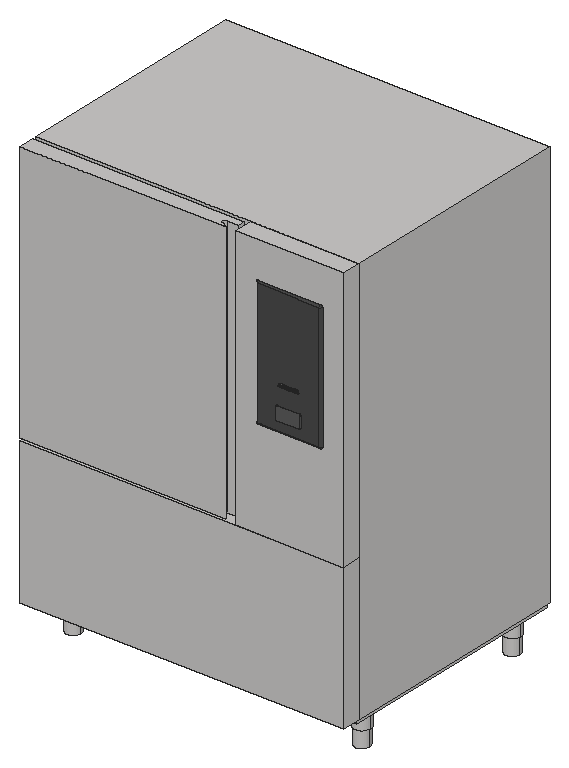
Revit family "QF_ALPENINOX_729255_ABFA12RE", category Specialty Equipment, Revit 2018 (continued)
Lines and regions (mm)
  Split face 230
    outline origin (170.176, -292.149, -137.118) x (-1, 0, 0) y (0, 0, -1)
      loop
        line (846.638, -548.639) -> (956.654, -548.639) -> (956.654, -543.665) -> (846.638, -543.665) -> (846.638, -548.639)
  Split face 231
    outline origin (170.176, -292.149, -127.618) x (-1, 0, 0) y (0, 0, -1)
      loop
        line (846.638, -548.639) -> (956.654, -548.639) -> (956.654, -543.665) -> (846.638, -543.665) -> (846.638, -548.639)
  Split face 232
    outline origin (170.176, -292.149, -118.118) x (-1, 0, 0) y (0, 0, -1)
      loop
        line (846.638, -548.639) -> (956.654, -548.639) -> (956.654, -543.665) -> (846.638, -543.665) -> (846.638, -548.639)
  Split face 233
    outline origin (170.176, -292.149, -108.618) x (-1, 0, 0) y (0, 0, -1)
      loop
        line (846.638, -548.639) -> (956.654, -548.639) -> (956.654, -543.665) -> (846.638, -543.665) -> (846.638, -548.639)
  Split face 234
    outline origin (170.176, -292.149, -99.118) x (-1, 0, 0) y (0, 0, -1)
      loop
        line (846.638, -548.639) -> (956.654, -548.639) -> (956.654, -543.665) -> (846.638, -543.665) -> (846.638, -548.639)
  Split face 235
    outline origin (170.176, -292.149, -89.618) x (-1, 0, 0) y (0, 0, -1)
      loop
        line (846.638, -548.639) -> (956.654, -548.639) -> (956.654, -543.665) -> (846.638, -543.665) -> (846.638, -548.639)
  Split face 236
    outline origin (170.176, -292.149, -80.117) x (-1, 0, 0) y (0, 0, -1)
      loop
        line (846.638, -548.639) -> (956.654, -548.639) -> (956.654, -543.665) -> (846.638, -543.665) -> (846.638, -548.639)
  Split face 237
    outline origin (170.176, -292.149, -70.617) x (-1, 0, 0) y (0, 0, -1)
      loop
        line (846.638, -548.639) -> (956.654, -548.639) -> (956.654, -543.665) -> (846.638, -543.665) -> (846.638, -548.639)
  Split face 238
    outline origin (170.176, -292.149, -61.117) x (-1, 0, 0) y (0, 0, -1)
      loop
        line (846.638, -548.639) -> (956.654, -548.639) -> (956.654, -543.665) -> (846.638, -543.665) -> (846.638, -548.639)
  Split face 239
    outline origin (170.176, -292.149, -51.617) x (-1, 0, 0) y (0, 0, -1)
      loop
        line (846.638, -548.639) -> (956.654, -548.639) -> (956.654, -543.665) -> (846.638, -543.665) -> (846.638, -548.639)
  Split face 240
    outline origin (170.176, -292.149, -42.117) x (-1, 0, 0) y (0, 0, -1)
      loop
        line (846.638, -548.639) -> (956.654, -548.639) -> (956.654, -543.665) -> (846.638, -543.665) -> (846.638, -548.639)
  Split face 241
    outline origin (170.176, -292.149, -32.617) x (-1, 0, 0) y (0, 0, -1)
      loop
        line (846.638, -548.639) -> (956.654, -548.639) -> (956.654, -543.665) -> (846.638, -543.665) -> (846.638, -548.639)
  Split face 242
    outline origin (170.176, -292.149, -23.117) x (-1, 0, 0) y (0, 0, -1)
      loop
        line (846.638, -548.639) -> (956.654, -548.639) -> (956.654, -543.665) -> (846.638, -543.665) -> (846.638, -548.639)
  Split face 243
    outline origin (170.176, -292.149, -13.617) x (-1, 0, 0) y (0, 0, -1)
      loop
        line (846.638, -548.639) -> (956.654, -548.639) -> (956.654, -543.665) -> (846.638, -543.665) -> (846.638, -548.639)
  Split face 244
    outline origin (170.176, -292.149, -4.117) x (-1, 0, 0) y (0, 0, -1)
      loop
        line (846.638, -548.639) -> (956.654, -548.639) -> (956.654, -543.665) -> (846.638, -543.665) -> (846.638, -548.639)
  Split face 245
    outline origin (170.176, -292.149, 5.383) x (-1, 0, 0) y (0, 0, -1)
      loop
        line (846.638, -548.639) -> (956.654, -548.639) -> (956.654, -543.665) -> (846.638, -543.665) -> (846.638, -548.639)
  Split face 246
    outline origin (170.176, -292.149, 14.883) x (-1, 0, 0) y (0, 0, -1)
      loop
        line (846.638, -548.639) -> (956.654, -548.639) -> (956.654, -543.665) -> (846.638, -543.665) -> (846.638, -548.639)
  Split face 247
    outline origin (50.185, -292.149, -365.12) x (-1, 0, 0) y (0, 0, -1)
      loop
        line (846.638, -548.639) -> (956.654, -548.639) -> (956.654, -543.665) -> (846.638, -543.665) -> (846.638, -548.639)
  Split face 248
    outline origin (50.185, -292.149, -355.62) x (-1, 0, 0) y (0, 0, -1)
      loop
        line (846.638, -548.639) -> (956.654, -548.639) -> (956.654, -543.665) -> (846.638, -543.665) -> (846.638, -548.639)
  Split face 249
    outline origin (50.185, -292.149, -346.12) x (-1, 0, 0) y (0, 0, -1)
      loop
        line (846.638, -548.639) -> (956.654, -548.639) -> (956.654, -543.665) -> (846.638, -543.665) -> (846.638, -548.639)
  Split face 250
    outline origin (50.185, -292.149, -336.62) x (-1, 0, 0) y (0, 0, -1)
      loop
        line (846.638, -548.639) -> (956.654, -548.639) -> (956.654, -543.665) -> (846.638, -543.665) -> (846.638, -548.639)
  Split face 251
    outline origin (50.185, -292.149, -327.12) x (-1, 0, 0) y (0, 0, -1)
      loop
        line (846.638, -548.639) -> (956.654, -548.639) -> (956.654, -543.665) -> (846.638, -543.665) -> (846.638, -548.639)
  Split face 252
    outline origin (50.185, -292.149, -317.619) x (-1, 0, 0) y (0, 0, -1)
      loop
        line (846.638, -548.639) -> (956.654, -548.639) -> (956.654, -543.665) -> (846.638, -543.665) -> (846.638, -548.639)
  Split face 253
    outline origin (50.185, -292.149, -308.119) x (-1, 0, 0) y (0, 0, -1)
      loop
        line (846.638, -548.639) -> (956.654, -548.639) -> (956.654, -543.665) -> (846.638, -543.665) -> (846.638, -548.639)
  Split face 254
    outline origin (50.185, -292.149, -298.619) x (-1, 0, 0) y (0, 0, -1)
      loop
        line (846.638, -548.639) -> (956.654, -548.639) -> (956.654, -543.665) -> (846.638, -543.665) -> (846.638, -548.639)
  Split face 255
    outline origin (50.185, -292.149, -289.119) x (-1, 0, 0) y (0, 0, -1)
      loop
        line (846.638, -548.639) -> (956.654, -548.639) -> (956.654, -543.665) -> (846.638, -543.665) -> (846.638, -548.639)
  Split face 256
    outline origin (50.185, -292.149, -279.619) x (-1, 0, 0) y (0, 0, -1)
      loop
        line (846.638, -548.639) -> (956.654, -548.639) -> (956.654, -543.665) -> (846.638, -543.665) -> (846.638, -548.639)
  Split face 257
    outline origin (50.185, -292.149, -270.119) x (-1, 0, 0) y (0, 0, -1)
      loop
        line (846.638, -548.639) -> (956.654, -548.639) -> (956.654, -543.665) -> (846.638, -543.665) -> (846.638, -548.639)
  Split face 258
    outline origin (50.185, -292.149, -260.619) x (-1, 0, 0) y (0, 0, -1)
      loop
        line (846.638, -548.639) -> (956.654, -548.639) -> (956.654, -543.665) -> (846.638, -543.665) -> (846.638, -548.639)
  Split face 259
    outline origin (50.185, -292.149, -251.119) x (-1, 0, 0) y (0, 0, -1)
      loop
        line (846.638, -548.639) -> (956.654, -548.639) -> (956.654, -543.665) -> (846.638, -543.665) -> (846.638, -548.639)
  Split face 260
    outline origin (50.185, -292.149, -241.619) x (-1, 0, 0) y (0, 0, -1)
      loop
        line (846.638, -548.639) -> (956.654, -548.639) -> (956.654, -543.665) -> (846.638, -543.665) -> (846.638, -548.639)
  Split face 261
    outline origin (50.185, -292.149, -232.119) x (-1, 0, 0) y (0, 0, -1)
      loop
        line (846.638, -548.639) -> (956.654, -548.639) -> (956.654, -543.665) -> (846.638, -543.665) -> (846.638, -548.639)
  Split face 262
    outline origin (50.185, -292.149, -222.619) x (-1, 0, 0) y (0, 0, -1)
      loop
        line (846.638, -548.639) -> (956.654, -548.639) -> (956.654, -543.665) -> (846.638, -543.665) -> (846.638, -548.639)
  Split face 263
    outline origin (50.185, -292.149, -213.119) x (-1, 0, 0) y (0, 0, -1)
      loop
        line (846.638, -548.639) -> (956.654, -548.639) -> (956.654, -543.665) -> (846.638, -543.665) -> (846.638, -548.639)
  Split face 264
    outline origin (50.185, -292.149, -203.619) x (-1, 0, 0) y (0, 0, -1)
      loop
        line (846.638, -548.639) -> (956.654, -548.639) -> (956.654, -543.665) -> (846.638, -543.665) -> (846.638, -548.639)
  Split face 265
    outline origin (50.185, -292.149, -194.118) x (-1, 0, 0) y (0, 0, -1)
      loop
        line (846.638, -548.639) -> (956.654, -548.639) -> (956.654, -543.665) -> (846.638, -543.665) -> (846.638, -548.639)
  Split face 266
    outline origin (50.185, -292.149, -184.618) x (-1, 0, 0) y (0, 0, -1)
      loop
        line (846.638, -548.639) -> (956.654, -548.639) -> (956.654, -543.665) -> (846.638, -543.665) -> (846.638, -548.639)
  Split face 267
    outline origin (50.185, -292.149, -175.118) x (-1, 0, 0) y (0, 0, -1)
      loop
        line (846.638, -548.639) -> (956.654, -548.639) -> (956.654, -543.665) -> (846.638, -543.665) -> (846.638, -548.639)
  Split face 268
    outline origin (50.185, -292.149, -165.618) x (-1, 0, 0) y (0, 0, -1)
      loop
        line (846.638, -548.639) -> (956.654, -548.639) -> (956.654, -543.665) -> (846.638, -543.665) -> (846.638, -548.639)
  Split face 269
    outline origin (50.185, -292.149, -156.118) x (-1, 0, 0) y (0, 0, -1)
      loop
        line (846.638, -548.639) -> (956.654, -548.639) -> (956.654, -543.665) -> (846.638, -543.665) -> (846.638, -548.639)
  Split face 270
    outline origin (50.185, -292.149, -146.618) x (-1, 0, 0) y (0, 0, -1)
      loop
        line (846.638, -548.639) -> (956.654, -548.639) -> (956.654, -543.665) -> (846.638, -543.665) -> (846.638, -548.639)
  Split face 271
    outline origin (50.185, -292.149, -137.118) x (-1, 0, 0) y (0, 0, -1)
      loop
        line (846.638, -548.639) -> (956.654, -548.639) -> (956.654, -543.665) -> (846.638, -543.665) -> (846.638, -548.639)
  Split face 272
    outline origin (50.185, -292.149, -127.618) x (-1, 0, 0) y (0, 0, -1)
      loop
        line (846.638, -548.639) -> (956.654, -548.639) -> (956.654, -543.665) -> (846.638, -543.665) -> (846.638, -548.639)
  Split face 273
    outline origin (50.185, -292.149, -118.118) x (-1, 0, 0) y (0, 0, -1)
      loop
        line (846.638, -548.639) -> (956.654, -548.639) -> (956.654, -543.665) -> (846.638, -543.665) -> (846.638, -548.639)
  Split face 274
    outline origin (50.185, -292.149, -108.618) x (-1, 0, 0) y (0, 0, -1)
      loop
        line (846.638, -548.639) -> (956.654, -548.639) -> (956.654, -543.665) -> (846.638, -543.665) -> (846.638, -548.639)
  Split face 275
    outline origin (50.185, -292.149, -99.118) x (-1, 0, 0) y (0, 0, -1)
      loop
        line (846.638, -548.639) -> (956.654, -548.639) -> (956.654, -543.665) -> (846.638, -543.665) -> (846.638, -548.639)
  Split face 276
    outline origin (50.185, -292.149, -89.618) x (-1, 0, 0) y (0, 0, -1)
      loop
        line (846.638, -548.639) -> (956.654, -548.639) -> (956.654, -543.665) -> (846.638, -543.665) -> (846.638, -548.639)
  Split face 277
    outline origin (50.185, -292.149, -80.117) x (-1, 0, 0) y (0, 0, -1)
      loop
        line (846.638, -548.639) -> (956.654, -548.639) -> (956.654, -543.665) -> (846.638, -543.665) -> (846.638, -548.639)
  Split face 278
    outline origin (50.185, -292.149, -70.617) x (-1, 0, 0) y (0, 0, -1)
      loop
        line (846.638, -548.639) -> (956.654, -548.639) -> (956.654, -543.665) -> (846.638, -543.665) -> (846.638, -548.639)
  Split face 279
    outline origin (50.185, -292.149, -61.117) x (-1, 0, 0) y (0, 0, -1)
      loop
        line (846.638, -548.639) -> (956.654, -548.639) -> (956.654, -543.665) -> (846.638, -543.665) -> (846.638, -548.639)
  Split face 280
    outline origin (50.185, -292.149, -51.617) x (-1, 0, 0) y (0, 0, -1)
      loop
        line (846.638, -548.639) -> (956.654, -548.639) -> (956.654, -543.665) -> (846.638, -543.665) -> (846.638, -548.639)
  Split face 281
    outline origin (50.185, -292.149, -42.117) x (-1, 0, 0) y (0, 0, -1)
      loop
        line (846.638, -548.639) -> (956.654, -548.639) -> (956.654, -543.665) -> (846.638, -543.665) -> (846.638, -548.639)
  Split face 282
    outline origin (50.185, -292.149, -32.617) x (-1, 0, 0) y (0, 0, -1)
      loop
        line (846.638, -548.639) -> (956.654, -548.639) -> (956.654, -543.665) -> (846.638, -543.665) -> (846.638, -548.639)
  Split face 283
    outline origin (50.185, -292.149, -23.117) x (-1, 0, 0) y (0, 0, -1)
      loop
        line (846.638, -548.639) -> (956.654, -548.639) -> (956.654, -543.665) -> (846.638, -543.665) -> (846.638, -548.639)
  Split face 284
    outline origin (50.185, -292.149, -13.617) x (-1, 0, 0) y (0, 0, -1)
      loop
        line (846.638, -548.639) -> (956.654, -548.639) -> (956.654, -543.665) -> (846.638, -543.665) -> (846.638, -548.639)
  Split face 285
    outline origin (50.185, -292.149, -4.117) x (-1, 0, 0) y (0, 0, -1)
      loop
        line (846.638, -548.639) -> (956.654, -548.639) -> (956.654, -543.665) -> (846.638, -543.665) -> (846.638, -548.639)
  Split face 286
    outline origin (50.185, -292.149, 5.383) x (-1, 0, 0) y (0, 0, -1)
      loop
        line (846.638, -548.639) -> (956.654, -548.639) -> (956.654, -543.665) -> (846.638, -543.665) -> (846.638, -548.639)
  Split face 287
    outline origin (50.185, -292.149, 14.883) x (-1, 0, 0) y (0, 0, -1)
      loop
        line (846.638, -548.639) -> (956.654, -548.639) -> (956.654, -543.665) -> (846.638, -543.665) -> (846.638, -548.639)
  Split face 288
    outline origin (530.15, -292.149, -365.12) x (-1, 0, 0) y (0, 0, -1)
      loop
        line (846.638, -548.639) -> (956.654, -548.639) -> (956.654, -543.665) -> (846.638, -543.665) -> (846.638, -548.639)
  Split face 289
    outline origin (530.15, -292.149, -355.62) x (-1, 0, 0) y (0, 0, -1)
      loop
        line (846.638, -548.639) -> (956.654, -548.639) -> (956.654, -543.665) -> (846.638, -543.665) -> (846.638, -548.639)
  Split face 290
    outline origin (530.15, -292.149, -346.12) x (-1, 0, 0) y (0, 0, -1)
      loop
        line (846.638, -548.639) -> (956.654, -548.639) -> (956.654, -543.665) -> (846.638, -543.665) -> (846.638, -548.639)
  Split face 291
    outline origin (530.15, -292.149, -336.62) x (-1, 0, 0) y (0, 0, -1)
      loop
        line (846.638, -548.639) -> (956.654, -548.639) -> (956.654, -543.665) -> (846.638, -543.665) -> (846.638, -548.639)
  Split face 292
    outline origin (530.15, -292.149, -327.12) x (-1, 0, 0) y (0, 0, -1)
      loop
        line (846.638, -548.639) -> (956.654, -548.639) -> (956.654, -543.665) -> (846.638, -543.665) -> (846.638, -548.639)
  Split face 293
    outline origin (530.15, -292.149, -317.619) x (-1, 0, 0) y (0, 0, -1)
      loop
        line (846.638, -548.639) -> (956.654, -548.639) -> (956.654, -543.665) -> (846.638, -543.665) -> (846.638, -548.639)
  Split face 294
    outline origin (530.15, -292.149, -308.119) x (-1, 0, 0) y (0, 0, -1)
      loop
        line (846.638, -548.639) -> (956.654, -548.639) -> (956.654, -543.665) -> (846.638, -543.665) -> (846.638, -548.639)
  Split face 295
    outline origin (530.15, -292.149, -298.619) x (-1, 0, 0) y (0, 0, -1)
      loop
        line (846.638, -548.639) -> (956.654, -548.639) -> (956.654, -543.665) -> (846.638, -543.665) -> (846.638, -548.639)
  Split face 296
    outline origin (530.15, -292.149, -289.119) x (-1, 0, 0) y (0, 0, -1)
      loop
        line (846.638, -548.639) -> (956.654, -548.639) -> (956.654, -543.665) -> (846.638, -543.665) -> (846.638, -548.639)
  Split face 297
    outline origin (530.15, -292.149, -279.619) x (-1, 0, 0) y (0, 0, -1)
      loop
        line (846.638, -548.639) -> (956.654, -548.639) -> (956.654, -543.665) -> (846.638, -543.665) -> (846.638, -548.639)
  Split face 298
    outline origin (530.15, -292.149, -270.119) x (-1, 0, 0) y (0, 0, -1)
      loop
        line (846.638, -548.639) -> (956.654, -548.639) -> (956.654, -543.665) -> (846.638, -543.665) -> (846.638, -548.639)
  Split face 299
    outline origin (530.15, -292.149, -260.619) x (-1, 0, 0) y (0, 0, -1)
      loop
        line (846.638, -548.639) -> (956.654, -548.639) -> (956.654, -543.665) -> (846.638, -543.665) -> (846.638, -548.639)
  Split face 300
    outline origin (530.15, -292.149, -251.119) x (-1, 0, 0) y (0, 0, -1)
      loop
        line (846.638, -548.639) -> (956.654, -548.639) -> (956.654, -543.665) -> (846.638, -543.665) -> (846.638, -548.639)
  Split face 301
    outline origin (530.15, -292.149, -241.619) x (-1, 0, 0) y (0, 0, -1)
      loop
        line (846.638, -548.639) -> (956.654, -548.639) -> (956.654, -543.665) -> (846.638, -543.665) -> (846.638, -548.639)
  Split face 302
    outline origin (530.15, -292.149, -232.119) x (-1, 0, 0) y (0, 0, -1)
      loop
        line (846.638, -548.639) -> (956.654, -548.639) -> (956.654, -543.665) -> (846.638, -543.665) -> (846.638, -548.639)
  Split face 303
    outline origin (530.15, -292.149, -222.619) x (-1, 0, 0) y (0, 0, -1)
      loop
        line (846.638, -548.639) -> (956.654, -548.639) -> (956.654, -543.665) -> (846.638, -543.665) -> (846.638, -548.639)
  Split face 304
    outline origin (530.15, -292.149, -213.119) x (-1, 0, 0) y (0, 0, -1)
      loop
        line (846.638, -548.639) -> (956.654, -548.639) -> (956.654, -543.665) -> (846.638, -543.665) -> (846.638, -548.639)
  Split face 305
    outline origin (530.15, -292.149, -203.619) x (-1, 0, 0) y (0, 0, -1)
      loop
        line (846.638, -548.639) -> (956.654, -548.639) -> (956.654, -543.665) -> (846.638, -543.665) -> (846.638, -548.639)
  Split face 306
    outline origin (530.15, -292.149, -194.118) x (-1, 0, 0) y (0, 0, -1)
      loop
        line (846.638, -548.639) -> (956.654, -548.639) -> (956.654, -543.665) -> (846.638, -543.665) -> (846.638, -548.639)
  Split face 307
    outline origin (530.15, -292.149, -184.618) x (-1, 0, 0) y (0, 0, -1)
      loop
        line (846.638, -548.639) -> (956.654, -548.639) -> (956.654, -543.665) -> (846.638, -543.665) -> (846.638, -548.639)
  Split face 308
    outline origin (530.15, -292.149, -175.118) x (-1, 0, 0) y (0, 0, -1)
      loop
        line (846.638, -548.639) -> (956.654, -548.639) -> (956.654, -543.665) -> (846.638, -543.665) -> (846.638, -548.639)
  Split face 309
    outline origin (530.15, -292.149, -165.618) x (-1, 0, 0) y (0, 0, -1)
      loop
        line (846.638, -548.639) -> (956.654, -548.639) -> (956.654, -543.665) -> (846.638, -543.665) -> (846.638, -548.639)
  Split face 310
    outline origin (530.15, -292.149, -156.118) x (-1, 0, 0) y (0, 0, -1)
      loop
        line (846.638, -548.639) -> (956.654, -548.639) -> (956.654, -543.665) -> (846.638, -543.665) -> (846.638, -548.639)
  Split face 311
    outline origin (530.15, -292.149, -146.618) x (-1, 0, 0) y (0, 0, -1)
      loop
        line (846.638, -548.639) -> (956.654, -548.639) -> (956.654, -543.665) -> (846.638, -543.665) -> (846.638, -548.639)
  Split face 312
    outline origin (530.15, -292.149, -137.118) x (-1, 0, 0) y (0, 0, -1)
      loop
        line (846.638, -548.639) -> (956.654, -548.639) -> (956.654, -543.665) -> (846.638, -543.665) -> (846.638, -548.639)
  Split face 313
    outline origin (530.15, -292.149, -127.618) x (-1, 0, 0) y (0, 0, -1)
      loop
        line (846.638, -548.639) -> (956.654, -548.639) -> (956.654, -543.665) -> (846.638, -543.665) -> (846.638, -548.639)
  Split face 314
    outline origin (530.15, -292.149, -118.118) x (-1, 0, 0) y (0, 0, -1)
      loop
        line (846.638, -548.639) -> (956.654, -548.639) -> (956.654, -543.665) -> (846.638, -543.665) -> (846.638, -548.639)
  Split face 315
    outline origin (530.15, -292.149, -108.618) x (-1, 0, 0) y (0, 0, -1)
      loop
        line (846.638, -548.639) -> (956.654, -548.639) -> (956.654, -543.665) -> (846.638, -543.665) -> (846.638, -548.639)
  Split face 316
    outline origin (530.15, -292.149, -99.118) x (-1, 0, 0) y (0, 0, -1)
      loop
        line (846.638, -548.639) -> (956.654, -548.639) -> (956.654, -543.665) -> (846.638, -543.665) -> (846.638, -548.639)
  Split face 317
    outline origin (530.15, -292.149, -89.618) x (-1, 0, 0) y (0, 0, -1)
      loop
        line (846.638, -548.639) -> (956.654, -548.639) -> (956.654, -543.665) -> (846.638, -543.665) -> (846.638, -548.639)
  Split face 318
    outline origin (530.15, -292.149, -80.117) x (-1, 0, 0) y (0, 0, -1)
      loop
        line (846.638, -548.639) -> (956.654, -548.639) -> (956.654, -543.665) -> (846.638, -543.665) -> (846.638, -548.639)
  Split face 319
    outline origin (530.15, -292.149, -70.617) x (-1, 0, 0) y (0, 0, -1)
      loop
        line (846.638, -548.639) -> (956.654, -548.639) -> (956.654, -543.665) -> (846.638, -543.665) -> (846.638, -548.639)
  Split face 320
    outline origin (530.15, -292.149, -61.117) x (-1, 0, 0) y (0, 0, -1)
      loop
        line (846.638, -548.639) -> (956.654, -548.639) -> (956.654, -543.665) -> (846.638, -543.665) -> (846.638, -548.639)
  Split face 321
    outline origin (530.15, -292.149, -51.617) x (-1, 0, 0) y (0, 0, -1)
      loop
        line (846.638, -548.639) -> (956.654, -548.639) -> (956.654, -543.665) -> (846.638, -543.665) -> (846.638, -548.639)
  Split face 322
    outline origin (530.15, -292.149, -42.117) x (-1, 0, 0) y (0, 0, -1)
      loop
        line (846.638, -548.639) -> (956.654, -548.639) -> (956.654, -543.665) -> (846.638, -543.665) -> (846.638, -548.639)
  Split face 323
    outline origin (530.15, -292.149, -32.617) x (-1, 0, 0) y (0, 0, -1)
      loop
        line (846.638, -548.639) -> (956.654, -548.639) -> (956.654, -543.665) -> (846.638, -543.665) -> (846.638, -548.639)
  Split face 324
    outline origin (530.15, -292.149, -23.117) x (-1, 0, 0) y (0, 0, -1)
      loop
        line (846.638, -548.639) -> (956.654, -548.639) -> (956.654, -543.665) -> (846.638, -543.665) -> (846.638, -548.639)
  Split face 325
    outline origin (530.15, -292.149, -13.617) x (-1, 0, 0) y (0, 0, -1)
      loop
        line (846.638, -548.639) -> (956.654, -548.639) -> (956.654, -543.665) -> (846.638, -543.665) -> (846.638, -548.639)
  Split face 326
    outline origin (530.15, -292.149, -4.117) x (-1, 0, 0) y (0, 0, -1)
      loop
        line (846.638, -548.639) -> (956.654, -548.639) -> (956.654, -543.665) -> (846.638, -543.665) -> (846.638, -548.639)
  Split face 327
    outline origin (530.15, -292.149, 5.383) x (-1, 0, 0) y (0, 0, -1)
      loop
        line (846.638, -548.639) -> (956.654, -548.639) -> (956.654, -543.665) -> (846.638, -543.665) -> (846.638, -548.639)
  Split face 328
    outline origin (530.15, -292.149, 14.883) x (-1, 0, 0) y (0, 0, -1)
      loop
        line (846.638, -548.639) -> (956.654, -548.639) -> (956.654, -543.665) -> (846.638, -543.665) -> (846.638, -548.639)
  Split face 329
    outline origin (410.159, -292.149, -365.12) x (-1, 0, 0) y (0, 0, -1)
      loop
        line (846.638, -548.639) -> (956.654, -548.639) -> (956.654, -543.665) -> (846.638, -543.665) -> (846.638, -548.639)
  Split face 330
    outline origin (410.159, -292.149, -355.62) x (-1, 0, 0) y (0, 0, -1)
      loop
        line (846.638, -548.639) -> (956.654, -548.639) -> (956.654, -543.665) -> (846.638, -543.665) -> (846.638, -548.639)
  Split face 331
    outline origin (410.159, -292.149, -346.12) x (-1, 0, 0) y (0, 0, -1)
      loop
        line (846.638, -548.639) -> (956.654, -548.639) -> (956.654, -543.665) -> (846.638, -543.665) -> (846.638, -548.639)
  Split face 332
    outline origin (410.159, -292.149, -336.62) x (-1, 0, 0) y (0, 0, -1)
      loop
        line (846.638, -548.639) -> (956.654, -548.639) -> (956.654, -543.665) -> (846.638, -543.665) -> (846.638, -548.639)
  Split face 333
    outline origin (410.159, -292.149, -327.12) x (-1, 0, 0) y (0, 0, -1)
      loop
        line (846.638, -548.639) -> (956.654, -548.639) -> (956.654, -543.665) -> (846.638, -543.665) -> (846.638, -548.639)
  Split face 334
    outline origin (410.159, -292.149, -317.619) x (-1, 0, 0) y (0, 0, -1)
      loop
        line (846.638, -548.639) -> (956.654, -548.639) -> (956.654, -543.665) -> (846.638, -543.665) -> (846.638, -548.639)
  Split face 335
    outline origin (410.159, -292.149, -308.119) x (-1, 0, 0) y (0, 0, -1)
      loop
        line (846.638, -548.639) -> (956.654, -548.639) -> (956.654, -543.665) -> (846.638, -543.665) -> (846.638, -548.639)
  Split face 336
    outline origin (410.159, -292.149, -298.619) x (-1, 0, 0) y (0, 0, -1)
      loop
        line (846.638, -548.639) -> (956.654, -548.639) -> (956.654, -543.665) -> (846.638, -543.665) -> (846.638, -548.639)
  Split face 337
    outline origin (410.159, -292.149, -289.119) x (-1, 0, 0) y (0, 0, -1)
      loop
        line (846.638, -548.639) -> (956.654, -548.639) -> (956.654, -543.665) -> (846.638, -543.665) -> (846.638, -548.639)
  Split face 338
    outline origin (410.159, -292.149, -279.619) x (-1, 0, 0) y (0, 0, -1)
      loop
        line (846.638, -548.639) -> (956.654, -548.639) -> (956.654, -543.665) -> (846.638, -543.665) -> (846.638, -548.639)
  Split face 339
    outline origin (410.159, -292.149, -270.119) x (-1, 0, 0) y (0, 0, -1)
      loop
        line (846.638, -548.639) -> (956.654, -548.639) -> (956.654, -543.665) -> (846.638, -543.665) -> (846.638, -548.639)
  Split face 340
    outline origin (410.159, -292.149, -260.619) x (-1, 0, 0) y (0, 0, -1)
      loop
        line (846.638, -548.639) -> (956.654, -548.639) -> (956.654, -543.665) -> (846.638, -543.665) -> (846.638, -548.639)
  Split face 341
    outline origin (410.159, -292.149, -251.119) x (-1, 0, 0) y (0, 0, -1)
      loop
        line (846.638, -548.639) -> (956.654, -548.639) -> (956.654, -543.665) -> (846.638, -543.665) -> (846.638, -548.639)
  Split face 342
    outline origin (410.159, -292.149, -241.619) x (-1, 0, 0) y (0, 0, -1)
      loop
        line (846.638, -548.639) -> (956.654, -548.639) -> (956.654, -543.665) -> (846.638, -543.665) -> (846.638, -548.639)
  Split face 343
    outline origin (410.159, -292.149, -232.119) x (-1, 0, 0) y (0, 0, -1)
      loop
        line (846.638, -548.639) -> (956.654, -548.639) -> (956.654, -543.665) -> (846.638, -543.665) -> (846.638, -548.639)
  Split face 344
    outline origin (410.159, -292.149, -222.619) x (-1, 0, 0) y (0, 0, -1)
      loop
        line (846.638, -548.639) -> (956.654, -548.639) -> (956.654, -543.665) -> (846.638, -543.665) -> (846.638, -548.639)
  Split face 345
    outline origin (410.159, -292.149, -213.119) x (-1, 0, 0) y (0, 0, -1)
      loop
        line (846.638, -548.639) -> (956.654, -548.639) -> (956.654, -543.665) -> (846.638, -543.665) -> (846.638, -548.639)
  Split face 346
    outline origin (410.159, -292.149, -203.619) x (-1, 0, 0) y (0, 0, -1)
      loop
        line (846.638, -548.639) -> (956.654, -548.639) -> (956.654, -543.665) -> (846.638, -543.665) -> (846.638, -548.639)
  Split face 347
    outline origin (410.159, -292.149, -194.118) x (-1, 0, 0) y (0, 0, -1)
      loop
        line (846.638, -548.639) -> (956.654, -548.639) -> (956.654, -543.665) -> (846.638, -543.665) -> (846.638, -548.639)
  Split face 348
    outline origin (410.159, -292.149, -184.618) x (-1, 0, 0) y (0, 0, -1)
      loop
        line (846.638, -548.639) -> (956.654, -548.639) -> (956.654, -543.665) -> (846.638, -543.665) -> (846.638, -548.639)
  Split face 349
    outline origin (410.159, -292.149, -175.118) x (-1, 0, 0) y (0, 0, -1)
      loop
        line (846.638, -548.639) -> (956.654, -548.639) -> (956.654, -543.665) -> (846.638, -543.665) -> (846.638, -548.639)
  Split face 350
    outline origin (410.159, -292.149, -165.618) x (-1, 0, 0) y (0, 0, -1)
      loop
        line (846.638, -548.639) -> (956.654, -548.639) -> (956.654, -543.665) -> (846.638, -543.665) -> (846.638, -548.639)
  Split face 351
    outline origin (410.159, -292.149, -156.118) x (-1, 0, 0) y (0, 0, -1)
      loop
        line (846.638, -548.639) -> (956.654, -548.639) -> (956.654, -543.665) -> (846.638, -543.665) -> (846.638, -548.639)
  Split face 352
    outline origin (410.159, -292.149, -146.618) x (-1, 0, 0) y (0, 0, -1)
      loop
        line (846.638, -548.639) -> (956.654, -548.639) -> (956.654, -543.665) -> (846.638, -543.665) -> (846.638, -548.639)
  Split face 353
    outline origin (410.159, -292.149, -137.118) x (-1, 0, 0) y (0, 0, -1)
      loop
        line (846.638, -548.639) -> (956.654, -548.639) -> (956.654, -543.665) -> (846.638, -543.665) -> (846.638, -548.639)
  Split face 354
    outline origin (410.159, -292.149, -127.618) x (-1, 0, 0) y (0, 0, -1)
      loop
        line (846.638, -548.639) -> (956.654, -548.639) -> (956.654, -543.665) -> (846.638, -543.665) -> (846.638, -548.639)
  Split face 355
    outline origin (410.159, -292.149, -118.118) x (-1, 0, 0) y (0, 0, -1)
      loop
        line (846.638, -548.639) -> (956.654, -548.639) -> (956.654, -543.665) -> (846.638, -543.665) -> (846.638, -548.639)
  Split face 356
    outline origin (410.159, -292.149, -108.618) x (-1, 0, 0) y (0, 0, -1)
      loop
        line (846.638, -548.639) -> (956.654, -548.639) -> (956.654, -543.665) -> (846.638, -543.665) -> (846.638, -548.639)
  Split face 357
    outline origin (410.159, -292.149, -99.118) x (-1, 0, 0) y (0, 0, -1)
      loop
        line (846.638, -548.639) -> (956.654, -548.639) -> (956.654, -543.665) -> (846.638, -543.665) -> (846.638, -548.639)
  Split face 358
    outline origin (410.159, -292.149, -89.618) x (-1, 0, 0) y (0, 0, -1)
      loop
        line (846.638, -548.639) -> (956.654, -548.639) -> (956.654, -543.665) -> (846.638, -543.665) -> (846.638, -548.639)
  Split face 359
    outline origin (410.159, -292.149, -80.117) x (-1, 0, 0) y (0, 0, -1)
      loop
        line (846.638, -548.639) -> (956.654, -548.639) -> (956.654, -543.665) -> (846.638, -543.665) -> (846.638, -548.639)
  Split face 360
    outline origin (410.159, -292.149, -70.617) x (-1, 0, 0) y (0, 0, -1)
      loop
        line (846.638, -548.639) -> (956.654, -548.639) -> (956.654, -543.665) -> (846.638, -543.665) -> (846.638, -548.639)
  Split face 361
    outline origin (410.159, -292.149, -61.117) x (-1, 0, 0) y (0, 0, -1)
      loop
        line (846.638, -548.639) -> (956.654, -548.639) -> (956.654, -543.665) -> (846.638, -543.665) -> (846.638, -548.639)
  Split face 362
    outline origin (410.159, -292.149, -51.617) x (-1, 0, 0) y (0, 0, -1)
      loop
        line (846.638, -548.639) -> (956.654, -548.639) -> (956.654, -543.665) -> (846.638, -543.665) -> (846.638, -548.639)
  Split face 363
    outline origin (410.159, -292.149, -42.117) x (-1, 0, 0) y (0, 0, -1)
      loop
        line (846.638, -548.639) -> (956.654, -548.639) -> (956.654, -543.665) -> (846.638, -543.665) -> (846.638, -548.639)
  Split face 364
    outline origin (410.159, -292.149, -32.617) x (-1, 0, 0) y (0, 0, -1)
      loop
        line (846.638, -548.639) -> (956.654, -548.639) -> (956.654, -543.665) -> (846.638, -543.665) -> (846.638, -548.639)
  Split face 365
    outline origin (410.159, -292.149, -23.117) x (-1, 0, 0) y (0, 0, -1)
      loop
        line (846.638, -548.639) -> (956.654, -548.639) -> (956.654, -543.665) -> (846.638, -543.665) -> (846.638, -548.639)
  Split face 366
    outline origin (410.159, -292.149, -13.617) x (-1, 0, 0) y (0, 0, -1)
      loop
        line (846.638, -548.639) -> (956.654, -548.639) -> (956.654, -543.665) -> (846.638, -543.665) -> (846.638, -548.639)
  Split face 367
    outline origin (410.159, -292.149, -4.117) x (-1, 0, 0) y (0, 0, -1)
      loop
        line (846.638, -548.639) -> (956.654, -548.639) -> (956.654, -543.665) -> (846.638, -543.665) -> (846.638, -548.639)
  Split face 368
    outline origin (410.159, -292.149, 5.383) x (-1, 0, 0) y (0, 0, -1)
      loop
        line (846.638, -548.639) -> (956.654, -548.639) -> (956.654, -543.665) -> (846.638, -543.665) -> (846.638, -548.639)
  Split face 369
    outline origin (410.159, -292.149, 14.883) x (-1, 0, 0) y (0, 0, -1)
      loop
        line (846.638, -548.639) -> (956.654, -548.639) -> (956.654, -543.665) -> (846.638, -543.665) -> (846.638, -548.639)
  Split face 370
    outline origin (650.142, -292.149, -365.12) x (-1, 0, 0) y (0, 0, -1)
      loop
        line (846.638, -548.639) -> (956.654, -548.639) -> (956.654, -543.665) -> (846.638, -543.665) -> (846.638, -548.639)
  Split face 371
    outline origin (650.142, -292.149, -355.62) x (-1, 0, 0) y (0, 0, -1)
      loop
        line (846.638, -548.639) -> (956.654, -548.639) -> (956.654, -543.665) -> (846.638, -543.665) -> (846.638, -548.639)
  Split face 372
    outline origin (650.142, -292.149, -346.12) x (-1, 0, 0) y (0, 0, -1)
      loop
        line (846.638, -548.639) -> (956.654, -548.639) -> (956.654, -543.665) -> (846.638, -543.665) -> (846.638, -548.639)
  Split face 373
    outline origin (650.142, -292.149, -336.62) x (-1, 0, 0) y (0, 0, -1)
      loop
        line (846.638, -548.639) -> (956.654, -548.639) -> (956.654, -543.665) -> (846.638, -543.665) -> (846.638, -548.639)
  Split face 374
    outline origin (650.142, -292.149, -327.12) x (-1, 0, 0) y (0, 0, -1)
      loop
        line (846.638, -548.639) -> (956.654, -548.639) -> (956.654, -543.665) -> (846.638, -543.665) -> (846.638, -548.639)
  Split face 375
    outline origin (650.142, -292.149, -317.619) x (-1, 0, 0) y (0, 0, -1)
      loop
        line (846.638, -548.639) -> (956.654, -548.639) -> (956.654, -543.665) -> (846.638, -543.665) -> (846.638, -548.639)
  Split face 376
    outline origin (650.142, -292.149, -308.119) x (-1, 0, 0) y (0, 0, -1)
      loop
        line (846.638, -548.639) -> (956.654, -548.639) -> (956.654, -543.665) -> (846.638, -543.665) -> (846.638, -548.639)
  Split face 377
    outline origin (650.142, -292.149, -298.619) x (-1, 0, 0) y (0, 0, -1)
      loop
        line (846.638, -548.639) -> (956.654, -548.639) -> (956.654, -543.665) -> (846.638, -543.665) -> (846.638, -548.639)
  Split face 378
    outline origin (650.142, -292.149, -289.119) x (-1, 0, 0) y (0, 0, -1)
      loop
        line (846.638, -548.639) -> (956.654, -548.639) -> (956.654, -543.665) -> (846.638, -543.665) -> (846.638, -548.639)
  Split face 379
    outline origin (650.142, -292.149, -279.619) x (-1, 0, 0) y (0, 0, -1)
      loop
        line (846.638, -548.639) -> (956.654, -548.639) -> (956.654, -543.665) -> (846.638, -543.665) -> (846.638, -548.639)
  Split face 380
    outline origin (650.142, -292.149, -270.119) x (-1, 0, 0) y (0, 0, -1)
      loop
        line (846.638, -548.639) -> (956.654, -548.639) -> (956.654, -543.665) -> (846.638, -543.665) -> (846.638, -548.639)
  Split face 381
    outline origin (650.142, -292.149, -260.619) x (-1, 0, 0) y (0, 0, -1)
      loop
        line (846.638, -548.639) -> (956.654, -548.639) -> (956.654, -543.665) -> (846.638, -543.665) -> (846.638, -548.639)
  Split face 382
    outline origin (650.142, -292.149, -251.119) x (-1, 0, 0) y (0, 0, -1)
      loop
        line (846.638, -548.639) -> (956.654, -548.639) -> (956.654, -543.665) -> (846.638, -543.665) -> (846.638, -548.639)
  Split face 383
    outline origin (650.142, -292.149, -241.619) x (-1, 0, 0) y (0, 0, -1)
      loop
        line (846.638, -548.639) -> (956.654, -548.639) -> (956.654, -543.665) -> (846.638, -543.665) -> (846.638, -548.639)
  Split face 384
    outline origin (650.142, -292.149, -232.119) x (-1, 0, 0) y (0, 0, -1)
      loop
        line (846.638, -548.639) -> (956.654, -548.639) -> (956.654, -543.665) -> (846.638, -543.665) -> (846.638, -548.639)
  Split face 385
    outline origin (650.142, -292.149, -222.619) x (-1, 0, 0) y (0, 0, -1)
      loop
        line (846.638, -548.639) -> (956.654, -548.639) -> (956.654, -543.665) -> (846.638, -543.665) -> (846.638, -548.639)
  Split face 386
    outline origin (650.142, -292.149, -213.119) x (-1, 0, 0) y (0, 0, -1)
      loop
        line (846.638, -548.639) -> (956.654, -548.639) -> (956.654, -543.665) -> (846.638, -543.665) -> (846.638, -548.639)
  Split face 387
    outline origin (650.142, -292.149, -203.619) x (-1, 0, 0) y (0, 0, -1)
      loop
        line (846.638, -548.639) -> (956.654, -548.639) -> (956.654, -543.665) -> (846.638, -543.665) -> (846.638, -548.639)
  Split face 388
    outline origin (650.142, -292.149, -194.118) x (-1, 0, 0) y (0, 0, -1)
      loop
        line (846.638, -548.639) -> (956.654, -548.639) -> (956.654, -543.665) -> (846.638, -543.665) -> (846.638, -548.639)
  Split face 389
    outline origin (650.142, -292.149, -184.618) x (-1, 0, 0) y (0, 0, -1)
      loop
        line (846.638, -548.639) -> (956.654, -548.639) -> (956.654, -543.665) -> (846.638, -543.665) -> (846.638, -548.639)
  Split face 390
    outline origin (650.142, -292.149, -175.118) x (-1, 0, 0) y (0, 0, -1)
      loop
        line (846.638, -548.639) -> (956.654, -548.639) -> (956.654, -543.665) -> (846.638, -543.665) -> (846.638, -548.639)
  Split face 391
    outline origin (650.142, -292.149, -165.618) x (-1, 0, 0) y (0, 0, -1)
      loop
        line (846.638, -548.639) -> (956.654, -548.639) -> (956.654, -543.665) -> (846.638, -543.665) -> (846.638, -548.639)
  Split face 392
    outline origin (650.142, -292.149, -156.118) x (-1, 0, 0) y (0, 0, -1)
      loop
        line (846.638, -548.639) -> (956.654, -548.639) -> (956.654, -543.665) -> (846.638, -543.665) -> (846.638, -548.639)
  Split face 393
    outline origin (650.142, -292.149, -146.618) x (-1, 0, 0) y (0, 0, -1)
      loop
        line (846.638, -548.639) -> (956.654, -548.639) -> (956.654, -543.665) -> (846.638, -543.665) -> (846.638, -548.639)
  Split face 394
    outline origin (650.142, -292.149, -137.118) x (-1, 0, 0) y (0, 0, -1)
      loop
        line (846.638, -548.639) -> (956.654, -548.639) -> (956.654, -543.665) -> (846.638, -543.665) -> (846.638, -548.639)
  Split face 395
    outline origin (650.142, -292.149, -127.618) x (-1, 0, 0) y (0, 0, -1)
      loop
        line (846.638, -548.639) -> (956.654, -548.639) -> (956.654, -543.665) -> (846.638, -543.665) -> (846.638, -548.639)
  Split face 396
    outline origin (650.142, -292.149, -118.118) x (-1, 0, 0) y (0, 0, -1)
      loop
        line (846.638, -548.639) -> (956.654, -548.639) -> (956.654, -543.665) -> (846.638, -543.665) -> (846.638, -548.639)
  Split face 397
    outline origin (650.142, -292.149, -108.618) x (-1, 0, 0) y (0, 0, -1)
      loop
        line (846.638, -548.639) -> (956.654, -548.639) -> (956.654, -543.665) -> (846.638, -543.665) -> (846.638, -548.639)
  Split face 398
    outline origin (650.142, -292.149, -99.118) x (-1, 0, 0) y (0, 0, -1)
      loop
        line (846.638, -548.639) -> (956.654, -548.639) -> (956.654, -543.665) -> (846.638, -543.665) -> (846.638, -548.639)
  Split face 399
    outline origin (650.142, -292.149, -89.618) x (-1, 0, 0) y (0, 0, -1)
      loop
        line (846.638, -548.639) -> (956.654, -548.639) -> (956.654, -543.665) -> (846.638, -543.665) -> (846.638, -548.639)
  Split face 400
    outline origin (650.142, -292.149, -80.117) x (-1, 0, 0) y (0, 0, -1)
      loop
        line (846.638, -548.639) -> (956.654, -548.639) -> (956.654, -543.665) -> (846.638, -543.665) -> (846.638, -548.639)
  Split face 401
    outline origin (650.142, -292.149, -70.617) x (-1, 0, 0) y (0, 0, -1)
      loop
        line (846.638, -548.639) -> (956.654, -548.639) -> (956.654, -543.665) -> (846.638, -543.665) -> (846.638, -548.639)
  Split face 402
    outline origin (650.142, -292.149, -61.117) x (-1, 0, 0) y (0, 0, -1)
      loop
        line (846.638, -548.639) -> (956.654, -548.639) -> (956.654, -543.665) -> (846.638, -543.665) -> (846.638, -548.639)
  Split face 403
    outline origin (650.142, -292.149, -51.617) x (-1, 0, 0) y (0, 0, -1)
      loop
        line (846.638, -548.639) -> (956.654, -548.639) -> (956.654, -543.665) -> (846.638, -543.665) -> (846.638, -548.639)
  Split face 404
    outline origin (650.142, -292.149, -42.117) x (-1, 0, 0) y (0, 0, -1)
      loop
        line (846.638, -548.639) -> (956.654, -548.639) -> (956.654, -543.665) -> (846.638, -543.665) -> (846.638, -548.639)
  Split face 405
    outline origin (650.142, -292.149, -32.617) x (-1, 0, 0) y (0, 0, -1)
      loop
        line (846.638, -548.639) -> (956.654, -548.639) -> (956.654, -543.665) -> (846.638, -543.665) -> (846.638, -548.639)
  Split face 406
    outline origin (650.142, -292.149, -23.117) x (-1, 0, 0) y (0, 0, -1)
      loop
        line (846.638, -548.639) -> (956.654, -548.639) -> (956.654, -543.665) -> (846.638, -543.665) -> (846.638, -548.639)
  Split face 407
    outline origin (650.142, -292.149, -13.617) x (-1, 0, 0) y (0, 0, -1)
      loop
        line (846.638, -548.639) -> (956.654, -548.639) -> (956.654, -543.665) -> (846.638, -543.665) -> (846.638, -548.639)
  Split face 408
    outline origin (650.142, -292.149, -4.117) x (-1, 0, 0) y (0, 0, -1)
      loop
        line (846.638, -548.639) -> (956.654, -548.639) -> (956.654, -543.665) -> (846.638, -543.665) -> (846.638, -548.639)
  Split face 409
    outline origin (650.142, -292.149, 5.383) x (-1, 0, 0) y (0, 0, -1)
      loop
        line (846.638, -548.639) -> (956.654, -548.639) -> (956.654, -543.665) -> (846.638, -543.665) -> (846.638, -548.639)
  Split face 410
    outline origin (650.142, -292.149, 14.883) x (-1, 0, 0) y (0, 0, -1)
      loop
        line (846.638, -548.639) -> (956.654, -548.639) -> (956.654, -543.665) -> (846.638, -543.665) -> (846.638, -548.639)
  symbolic lines
    curve 1: line (-936.5, 703.851, 1730) -> (313.5, 703.851, 1730)
    curve 2: line (-936.5, -216.149, 1730) -> (-936.5, 703.851, 1730)
    curve 3: line (313.5, -292.149, 1730) -> (-103.5, -292.149, 1730)
    curve 4: line (313.5, 703.851, 1730) -> (313.5, -292.149, 1730)
    curve 5: line (-26.102, 703.851, 1730) -> (-18.01, 795.851, 1730)
    curve 6: line (-18.01, 795.851, 1730) -> (146.222, 795.851, 1730)
    curve 7: line (146.222, 795.851, 1730) -> (154.314, 703.851, 1730)
    curve 8: line (210, 732.851, 1730) -> (231, 732.851, 1730)
    curve 9: line (231, 732.851, 1730) -> (231, 703.851, 1730)
    curve 10: line (210, 732.851, 1730) -> (210, 703.851, 1730)
    curve 11: line (224, -297.149, 1730) -> (-14, -297.149, 1730)
    curve 12: line (-14, -297.149, 1730) -> (-22, -292.149, 1730)
    curve 13: line (224, -297.149, 1730) -> (232, -292.149, 1730)
    curve 14: line (-103.5, -292.149, 0) -> (-103.5, -216.149, 0)
    curve 15: line (-103.5, -216.149, 0) -> (-936.5, -216.149, 0)
    curve 20: line (-936.5, -232.149, 0) -> (-118.3, -232.149, 0)
    curve 21: line (-936.5, -292.149, 0) -> (-936.5, -232.149, 0)
    curve 22: line (-140.262, -292.149, 0) -> (-936.5, -292.149, 0)
    curve 23: line (-118.3, -232.149, 0) -> (-118.3, -259.922, 0)
    curve 24: arc (-163.608, -259.922, 0) -> (-171.732, -266.056, 0) -> (-167.968, -275.514, 0) r 8.395
    curve 25: line (-118.3, -259.922, 0) -> (-163.608, -259.922, 0)
    curve 26: line (-167.968, -275.514, 0) -> (-140.262, -292.149, 0)
  symbolic lines, style "QF_Door-Drawer Clearances", visible <- "Show Clearance"
    curve 16: arc (-118.3, -292.149, 1730) -> (-346.842, -832.215, 1730) -> (-883.5, -1068.649, 1730) r 795
    curve 17: line (-943.5, -1046.687, 1730) -> (-943.5, -292.149, 1730)
    curve 18: line (-883.5, -1068.649, 1730) -> (-911.273, -1068.649, 1730)
    curve 19: line (-883.5, -1068.649, 1730) -> (-883.5, -292.149, 1730)
  symbolic lines, style "QF_Door-Drawer Clearances"
    curve 27: line (-911.273, -1068.649, 0) -> (-911.273, -1023.341, 0)
    curve 28: arc (-911.273, -1023.341, 0) -> (-917.407, -1015.217, 0) -> (-926.865, -1018.981, 0) r 8.395
    curve 29: line (-926.865, -1018.981, 0) -> (-943.5, -1046.687, 0)
Dimensions and locks
  plane 4 "BACK" to plane 5 "FRONT" = 996 mm
  equal spacing: plane 4 "BACK", plane 1 "Center X", plane 5 "FRONT"
  Extrusion 3 sketch curve to Extrusion 8 = 93 mm
  level to Extrusion 3 sketch curve = 593 mm
  plane 4 "BACK" to Extrusion 6 sketch curve = 488 mm
  Extrusion 6 sketch curve to plane 11 "RIGHT" = 680 mm
  plane 11 "RIGHT" to Extrusion 11 sketch curve = 275.8 mm
  Extrusion 11 sketch curve to level = 222 mm
  plane 11 "RIGHT" to Extrusion 10 sketch curve = 218.2 mm
  Extrusion 10 sketch curve to level = 217 mm
  aligned and locked: level to plane 2
  aligned and locked: nested 4 to plane 8
  aligned and locked: nested 3 to plane 8
  aligned and locked: plane 13 to nested 4
  aligned and locked: nested 2 to plane 14
  aligned and locked: nested 3 to plane 14
  aligned and locked: nested 1 to plane 15
  aligned and locked: nested 2 to plane 15
Automatic sketch dimensions
  Extrusion 1 sketch curve to plane 4 "BACK" = 0 mm
  Extrusion 1 sketch curve to plane 11 "RIGHT" = 0 mm
  Extrusion 1 sketch curve to plane 12 "LEFT" = 0 mm
  Extrusion 2 sketch curve to plane 4 "BACK" = 0 mm
  Extrusion 2 sketch curve to plane 9 = 0 mm  (x5)
  Extrusion 2 sketch curve to plane 9 = 10 mm
  Extrusion 2 sketch curve to plane 9 = 8 mm
  Extrusion 2 sketch curve to plane 9 = 7.305 mm
  Extrusion 2 sketch curve to plane 9 = 4.997 mm
  plane 9 to Extrusion 2 sketch curve = 8.773 mm  (x4)
  plane 6 to Extrusion 2 sketch curve = 521.023 mm
  Extrusion 2 sketch curve to Extrusion 2 sketch curve = 7.476 mm
  Extrusion 2 sketch curve to Extrusion 2 sketch curve = 25.474 mm
  Extrusion 2 sketch curve to Extrusion 2 sketch curve = 9.313 mm  (x4)
  Extrusion 2 sketch curve to Extrusion 2 sketch curve = 31.38 mm  (x3)
  Extrusion 2 sketch curve to Extrusion 2 sketch curve = 32.916 mm
  Extrusion 2 sketch curve to Extrusion 2 sketch curve = 50.851 mm
  Extrusion 4 sketch curve to plane 11 "RIGHT" = 0 mm
  Extrusion 4 sketch curve to plane 5 "FRONT" = 0 mm
  Extrusion 4 sketch curve to plane 12 "LEFT" = 0 mm
  Extrusion 4 sketch curve to Extrusion 4 sketch curve = 75 mm
  Extrusion 5 sketch curve to plane 4 "BACK" = 0 mm
  Extrusion 5 sketch curve to plane 14 = 58 mm
  Extrusion 5 sketch curve to plane 13 = 58 mm
  Split face 1 sketch curve to Extrusion 4 = 30.031 mm
  Split face 1 sketch curve to Extrusion 4 = 28.525 mm
  Split face 1 sketch curve to Split face 1 sketch curve = 110.016 mm
  Split face 1 sketch curve to Split face 1 sketch curve = 4.974 mm
  Extrusion 7 sketch curve to plane 4 "BACK" = 0 mm  (x2)
  Extrusion 7 sketch curve to plane 9 = 0 mm  (x2)
  plane 14 to Extrusion 7 sketch curve = 90.555 mm
  Extrusion 7 sketch curve to Extrusion 7 sketch curve = 1.631 mm  (x2)
  Extrusion 7 sketch curve to Extrusion 7 sketch curve = 9.723 mm
  Extrusion 7 sketch curve to Extrusion 7 sketch curve = 164.232 mm
  Extrusion 7 sketch curve to Extrusion 7 sketch curve = 8.092 mm
  Extrusion 8 sketch curve to plane 5 "FRONT" = 0 mm
  Extrusion 8 sketch curve to plane 11 "RIGHT" = 0 mm
  plane 5 "FRONT" to Extrusion 8 sketch curve = 75 mm
  plane 3 "Center Y" to Extrusion 8 sketch curve = 208 mm
  plane 13 to Extrusion 9 sketch curve = 7 mm
  plane 3 "Center Y" to Extrusion 9 sketch curve = 60 mm
  Extrusion 9 sketch curve to plane 7 "TOP" = 74 mm
  plane 6 to Extrusion 9 sketch curve = 624 mm
  Split face 2 sketch curve to Extrusion 4 = 30.031 mm
  Split face 2 sketch curve to Extrusion 4 = 38.025 mm
  Split face 2 sketch curve to Split face 2 sketch curve = 110.016 mm
  Split face 2 sketch curve to Split face 2 sketch curve = 4.974 mm
  Split face 3 sketch curve to Extrusion 4 = 30.031 mm
  Split face 3 sketch curve to Extrusion 4 = 47.525 mm
  Split face 3 sketch curve to Split face 3 sketch curve = 110.016 mm
  Split face 3 sketch curve to Split face 3 sketch curve = 4.974 mm
  Split face 4 sketch curve to Extrusion 4 = 30.031 mm
  Split face 4 sketch curve to Split face 4 sketch curve = 110.016 mm
  Split face 4 sketch curve to Extrusion 4 = 61.999 mm
  Split face 4 sketch curve to Split face 4 sketch curve = 4.974 mm
  Split face 5 sketch curve to Extrusion 4 = 30.031 mm
  Split face 5 sketch curve to Split face 5 sketch curve = 110.016 mm
  Split face 5 sketch curve to Extrusion 4 = 71.499 mm
  Split face 5 sketch curve to Split face 5 sketch curve = 4.974 mm
  Split face 6 sketch curve to Extrusion 4 = 30.031 mm
  Split face 6 sketch curve to Split face 6 sketch curve = 110.016 mm
  Split face 6 sketch curve to Extrusion 4 = 80.999 mm
  Split face 6 sketch curve to Split face 6 sketch curve = 4.974 mm
  Split face 7 sketch curve to Extrusion 4 = 30.031 mm
  Split face 7 sketch curve to Split face 7 sketch curve = 110.016 mm
  Split face 7 sketch curve to Extrusion 4 = 90.499 mm
  Split face 7 sketch curve to Split face 7 sketch curve = 4.974 mm
  Split face 8 sketch curve to Extrusion 4 = 30.031 mm
  Split face 8 sketch curve to Split face 8 sketch curve = 110.016 mm
  Split face 8 sketch curve to Extrusion 4 = 99.999 mm
  Split face 8 sketch curve to Split face 8 sketch curve = 4.974 mm
  Split face 9 sketch curve to Extrusion 4 = 30.031 mm
  Split face 9 sketch curve to Split face 9 sketch curve = 110.016 mm
  Split face 9 sketch curve to Extrusion 4 = 109.499 mm
  Split face 9 sketch curve to Split face 9 sketch curve = 4.974 mm
  Split face 10 sketch curve to Extrusion 4 = 30.031 mm
  Split face 10 sketch curve to Split face 10 sketch curve = 110.016 mm
  Split face 10 sketch curve to Extrusion 4 = 119 mm
  Split face 10 sketch curve to Split face 10 sketch curve = 4.974 mm
  Split face 11 sketch curve to Extrusion 4 = 30.031 mm
  Split face 11 sketch curve to Split face 11 sketch curve = 110.016 mm
  Split face 11 sketch curve to Extrusion 4 = 128.5 mm
  Split face 11 sketch curve to Split face 11 sketch curve = 4.974 mm
  Split face 12 sketch curve to Extrusion 4 = 30.031 mm
  Split face 12 sketch curve to Split face 12 sketch curve = 110.016 mm
  Split face 12 sketch curve to Extrusion 4 = 138 mm
  Split face 12 sketch curve to Split face 12 sketch curve = 4.974 mm
  Split face 13 sketch curve to Extrusion 4 = 30.031 mm
  Split face 13 sketch curve to Split face 13 sketch curve = 110.016 mm
  Split face 13 sketch curve to Extrusion 4 = 147.5 mm
  Split face 13 sketch curve to Split face 13 sketch curve = 4.974 mm
  Split face 14 sketch curve to Extrusion 4 = 30.031 mm
  Split face 14 sketch curve to Split face 14 sketch curve = 110.016 mm
  Split face 14 sketch curve to Extrusion 4 = 157 mm
  Split face 14 sketch curve to Split face 14 sketch curve = 4.974 mm
  Split face 15 sketch curve to Extrusion 4 = 30.031 mm
  Split face 15 sketch curve to Split face 15 sketch curve = 110.016 mm
  Split face 15 sketch curve to Extrusion 4 = 166.5 mm
  Split face 15 sketch curve to Split face 15 sketch curve = 4.974 mm
  Split face 16 sketch curve to Extrusion 4 = 30.031 mm
  Split face 16 sketch curve to Split face 16 sketch curve = 110.016 mm
  Split face 16 sketch curve to Extrusion 4 = 176 mm
  Split face 16 sketch curve to Split face 16 sketch curve = 4.974 mm
  Split face 17 sketch curve to Extrusion 4 = 30.031 mm
  Split face 17 sketch curve to Split face 17 sketch curve = 110.016 mm
  Split face 17 sketch curve to Extrusion 4 = 185.5 mm
  Split face 17 sketch curve to Split face 17 sketch curve = 4.974 mm
  Split face 18 sketch curve to Extrusion 4 = 30.031 mm
  Split face 18 sketch curve to Split face 18 sketch curve = 110.016 mm
  Split face 18 sketch curve to Extrusion 4 = 195 mm
  Split face 18 sketch curve to Split face 18 sketch curve = 4.974 mm
  Split face 19 sketch curve to Extrusion 4 = 30.031 mm
  Split face 19 sketch curve to Split face 19 sketch curve = 110.016 mm
  Split face 19 sketch curve to Extrusion 4 = 204.5 mm
  Split face 19 sketch curve to Split face 19 sketch curve = 4.974 mm
  Split face 20 sketch curve to Extrusion 4 = 30.031 mm
  Split face 20 sketch curve to Split face 20 sketch curve = 110.016 mm
  Split face 20 sketch curve to Extrusion 4 = 214 mm
  Split face 20 sketch curve to Split face 20 sketch curve = 4.974 mm
  Split face 21 sketch curve to Extrusion 4 = 30.031 mm
  Split face 21 sketch curve to Split face 21 sketch curve = 110.016 mm
  Split face 21 sketch curve to Extrusion 4 = 223.5 mm
  Split face 21 sketch curve to Split face 21 sketch curve = 4.974 mm
  Split face 22 sketch curve to Extrusion 4 = 30.031 mm
  Split face 22 sketch curve to Split face 22 sketch curve = 110.016 mm
  Split face 22 sketch curve to Extrusion 4 = 233.001 mm
  Split face 22 sketch curve to Split face 22 sketch curve = 4.974 mm
  Split face 23 sketch curve to Extrusion 4 = 30.031 mm
  Split face 23 sketch curve to Split face 23 sketch curve = 110.016 mm
  Split face 23 sketch curve to Extrusion 4 = 242.501 mm
  Split face 23 sketch curve to Split face 23 sketch curve = 4.974 mm
  Split face 24 sketch curve to Extrusion 4 = 30.031 mm
  Split face 24 sketch curve to Split face 24 sketch curve = 110.016 mm
  Split face 24 sketch curve to Extrusion 4 = 252.001 mm
  Split face 24 sketch curve to Split face 24 sketch curve = 4.974 mm
  Split face 25 sketch curve to Extrusion 4 = 30.031 mm
  Split face 25 sketch curve to Split face 25 sketch curve = 110.016 mm
  Split face 25 sketch curve to Extrusion 4 = 261.501 mm
  Split face 25 sketch curve to Split face 25 sketch curve = 4.974 mm
  Split face 26 sketch curve to Extrusion 4 = 30.031 mm
  Split face 26 sketch curve to Split face 26 sketch curve = 110.016 mm
  Split face 26 sketch curve to Extrusion 4 = 271.001 mm
  Split face 26 sketch curve to Split face 26 sketch curve = 4.974 mm
  Split face 27 sketch curve to Extrusion 4 = 30.031 mm
  Split face 27 sketch curve to Split face 27 sketch curve = 110.016 mm
  Split face 27 sketch curve to Extrusion 4 = 279.479 mm
  Split face 27 sketch curve to Split face 27 sketch curve = 4.974 mm
  Split face 28 sketch curve to Extrusion 4 = 30.031 mm
  Split face 28 sketch curve to Split face 28 sketch curve = 110.016 mm
  Split face 28 sketch curve to Extrusion 4 = 269.979 mm
  Split face 28 sketch curve to Split face 28 sketch curve = 4.974 mm
  Split face 29 sketch curve to Extrusion 4 = 30.031 mm
  Split face 29 sketch curve to Split face 29 sketch curve = 110.016 mm
  Split face 29 sketch curve to Extrusion 4 = 260.479 mm
  Split face 29 sketch curve to Split face 29 sketch curve = 4.974 mm
  Split face 30 sketch curve to Extrusion 4 = 30.031 mm
  Split face 30 sketch curve to Split face 30 sketch curve = 110.016 mm
  Split face 30 sketch curve to Extrusion 4 = 250.978 mm
  Split face 30 sketch curve to Split face 30 sketch curve = 4.974 mm
  Split face 31 sketch curve to Extrusion 4 = 30.031 mm
  Split face 31 sketch curve to Split face 31 sketch curve = 110.016 mm
  Split face 31 sketch curve to Extrusion 4 = 241.478 mm
  Split face 31 sketch curve to Split face 31 sketch curve = 4.974 mm
  Split face 32 sketch curve to Extrusion 4 = 30.031 mm
  Split face 32 sketch curve to Split face 32 sketch curve = 110.016 mm
  Split face 32 sketch curve to Extrusion 4 = 231.978 mm
  Split face 32 sketch curve to Split face 32 sketch curve = 4.974 mm
  Split face 33 sketch curve to Extrusion 4 = 30.031 mm
  Split face 33 sketch curve to Split face 33 sketch curve = 110.016 mm
  Split face 33 sketch curve to Extrusion 4 = 222.478 mm
  Split face 33 sketch curve to Split face 33 sketch curve = 4.974 mm
  Split face 34 sketch curve to Extrusion 4 = 30.031 mm
  Split face 34 sketch curve to Split face 34 sketch curve = 110.016 mm
  Split face 34 sketch curve to Extrusion 4 = 212.978 mm
  Split face 34 sketch curve to Split face 34 sketch curve = 4.974 mm
  Split face 35 sketch curve to Extrusion 4 = 30.031 mm
  Split face 35 sketch curve to Split face 35 sketch curve = 110.016 mm
  Split face 35 sketch curve to Extrusion 4 = 203.478 mm
  Split face 35 sketch curve to Split face 35 sketch curve = 4.974 mm
  Split face 36 sketch curve to Extrusion 4 = 30.031 mm
  Split face 36 sketch curve to Split face 36 sketch curve = 110.016 mm
  Split face 36 sketch curve to Extrusion 4 = 193.978 mm
  Split face 36 sketch curve to Split face 36 sketch curve = 4.974 mm
  Split face 37 sketch curve to Extrusion 4 = 30.031 mm
  Split face 37 sketch curve to Split face 37 sketch curve = 110.016 mm
  Split face 37 sketch curve to Extrusion 4 = 184.478 mm
  Split face 37 sketch curve to Split face 37 sketch curve = 4.974 mm
  Split face 38 sketch curve to Extrusion 4 = 30.031 mm
  Split face 38 sketch curve to Split face 38 sketch curve = 110.016 mm
  Split face 38 sketch curve to Extrusion 4 = 174.978 mm
  Split face 38 sketch curve to Split face 38 sketch curve = 4.974 mm
  Split face 39 sketch curve to Extrusion 4 = 30.031 mm
  Split face 39 sketch curve to Split face 39 sketch curve = 110.016 mm
  Split face 39 sketch curve to Extrusion 4 = 165.478 mm
  Split face 39 sketch curve to Split face 39 sketch curve = 4.974 mm
  Split face 40 sketch curve to Extrusion 4 = 30.031 mm
  Split face 40 sketch curve to Split face 40 sketch curve = 110.016 mm
  Split face 40 sketch curve to Extrusion 4 = 155.978 mm
  Split face 40 sketch curve to Split face 40 sketch curve = 4.974 mm
  Split face 41 sketch curve to Extrusion 4 = 30.031 mm
  Split face 41 sketch curve to Split face 41 sketch curve = 110.016 mm
  Split face 41 sketch curve to Extrusion 4 = 146.478 mm
  Split face 41 sketch curve to Split face 41 sketch curve = 4.974 mm
  Split face 42 sketch curve to Extrusion 4 = 33.499 mm
  Split face 42 sketch curve to Extrusion 4 = 150.022 mm
  Split face 42 sketch curve to Extrusion 4 = 28.525 mm
  Split face 42 sketch curve to Split face 42 sketch curve = 110.016 mm
  Split face 43 sketch curve to Extrusion 4 = 42.999 mm
  Split face 43 sketch curve to Extrusion 4 = 150.022 mm
  Split face 43 sketch curve to Extrusion 4 = 38.025 mm
  Split face 43 sketch curve to Split face 43 sketch curve = 110.016 mm
  Split face 44 sketch curve to Extrusion 4 = 52.499 mm
  Split face 44 sketch curve to Extrusion 4 = 150.022 mm
  Split face 44 sketch curve to Extrusion 4 = 47.525 mm
  Split face 44 sketch curve to Split face 44 sketch curve = 110.016 mm
  Split face 45 sketch curve to Extrusion 4 = 61.999 mm
  Split face 45 sketch curve to Extrusion 4 = 150.022 mm
  Split face 45 sketch curve to Split face 45 sketch curve = 110.016 mm
  Split face 45 sketch curve to Split face 45 sketch curve = 4.974 mm
  Split face 46 sketch curve to Extrusion 4 = 71.499 mm
  Split face 46 sketch curve to Extrusion 4 = 150.022 mm
  Split face 46 sketch curve to Split face 46 sketch curve = 110.016 mm
  Split face 46 sketch curve to Split face 46 sketch curve = 4.974 mm
  Split face 47 sketch curve to Extrusion 4 = 150.022 mm
  Split face 47 sketch curve to Split face 47 sketch curve = 110.016 mm
  Split face 47 sketch curve to Extrusion 4 = 80.999 mm
  Split face 47 sketch curve to Split face 47 sketch curve = 4.974 mm
  Split face 48 sketch curve to Extrusion 4 = 150.022 mm
  Split face 48 sketch curve to Split face 48 sketch curve = 110.016 mm
  Split face 48 sketch curve to Extrusion 4 = 90.499 mm
  Split face 48 sketch curve to Split face 48 sketch curve = 4.974 mm
  Split face 49 sketch curve to Extrusion 4 = 150.022 mm
  Split face 49 sketch curve to Split face 49 sketch curve = 110.016 mm
  Split face 49 sketch curve to Extrusion 4 = 99.999 mm
  Split face 49 sketch curve to Split face 49 sketch curve = 4.974 mm
  Split face 50 sketch curve to Extrusion 4 = 150.022 mm
  Split face 50 sketch curve to Split face 50 sketch curve = 110.016 mm
  Split face 50 sketch curve to Extrusion 4 = 109.499 mm
  Split face 50 sketch curve to Split face 50 sketch curve = 4.974 mm
  Split face 51 sketch curve to Extrusion 4 = 150.022 mm
  Split face 51 sketch curve to Split face 51 sketch curve = 110.016 mm
  Split face 51 sketch curve to Extrusion 4 = 119 mm
  Split face 51 sketch curve to Split face 51 sketch curve = 4.974 mm
  Split face 52 sketch curve to Extrusion 4 = 150.022 mm
  Split face 52 sketch curve to Split face 52 sketch curve = 110.016 mm
  Split face 52 sketch curve to Extrusion 4 = 128.5 mm
  Split face 52 sketch curve to Split face 52 sketch curve = 4.974 mm
  Split face 53 sketch curve to Extrusion 4 = 150.022 mm
  Split face 53 sketch curve to Split face 53 sketch curve = 110.016 mm
  Split face 53 sketch curve to Extrusion 4 = 138 mm
  Split face 53 sketch curve to Split face 53 sketch curve = 4.974 mm
